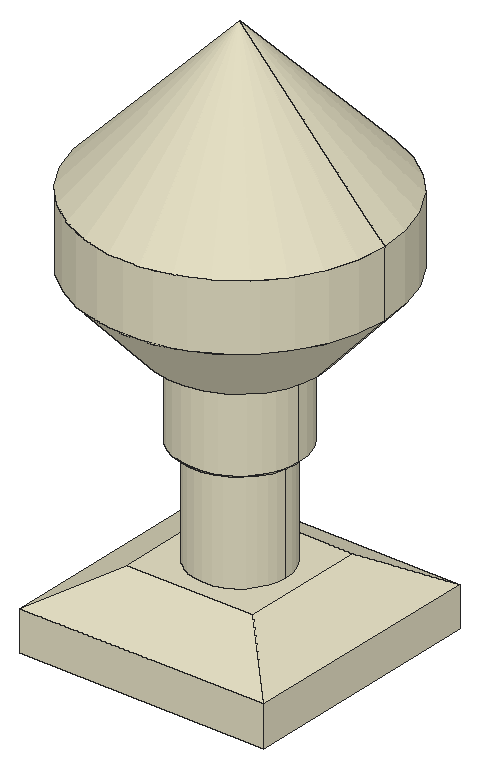
Revit family "Indoor_Floor Lamp_Santa&Cole_Zeleste", category Luminarias, Revit 2018
Family settings
  Cota de conector redondo = Diámetro de uso
  Tipo de pieza = Normal
  Número OmniClass = 23.80.70.00
  Título OmniClass = Lighting
  Se basa en plano de trabajo = No
  Siempre vertical = Sí
  Corte con vacíos al cargar = No
  Origen de luz = Sí
  Compartido = No
  Punto de cálculo de habitación = No
Parameters
  Tilt Angle = 90.00°
  Wattage = 7.40531 W
  Technical Information = "https://www.santacole.com/recursos/productos/downloads/pdf_espec_tecnicas/SC_Zeleste_ficha_tecnica.pdf"
  built-in parameter 1150110 = 1 (stored number, unit not read)
  URL = "https://www.santacole.com/es/lamparas-de-sobremesa/?zeleste"
  Manufacturer website = "http://www.santacole.com"
  built-in parameter 1114217 = 0.1 (stored number, unit not read)
  built-in parameter 1150109 = 1 (stored number, unit not read)
  Energy Label = "https://www.santacole.com/recursos/productos/downloads/pdf_energy_label/Energy%20Label_ZELESTE_without_bulb.pdf"
  Designed by = "Àngel Jové, Santiago Roqueta, 1969"
  Contact phone = "+34.938.619.100"
  Contact e-mail = "info@santacole.com"
  built-in parameter 1150134 = (empty or 0)
  built-in parameter 1150113 = 1 (stored number, unit not read)
  Modelo = "Zeleste"
  Fabricante = "Santa & Cole"
  Lumens = 1100 lm
  built-in parameter 1150115 = 1 (stored number, unit not read)
  built-in parameter 1150105 = 87.535 (stored number, unit not read)
  Load = 60 W
  built-in parameter 1150137 = (empty or 0)
  built-in parameter 1150139 = (empty or 0)
  built-in parameter 1150112 = 1 (stored number, unit not read)
  built-in parameter 1150114 = 1 (stored number, unit not read)
  Lamp = ""
  built-in parameter 1150132 = 2
  built-in parameter 1150102 = (empty or 0)
  built-in parameter 1150138 = (empty or 0)
  built-in parameter 1150107 = 2700 (stored number, unit not read)
  built-in parameter 1150106 = 0.87535 (stored number, unit not read)
  built-in parameter 1150104 = 13.8 (stored number, unit not read)
  Code = "ZELTA01"
  Dimming Lamp Color Temperature Shift = (empty or 0)
  Color Filter = 16777215
  built-in parameter 1114218 = 1 (stored number, unit not read)
  Assembly instructions - UL = "https://www.santacole.com/recursos/productos/downloads/pdf_montaje/Zeleste_im_UL.pdf"
  Assembly instructions - CE = "https://www.santacole.com/recursos/productos/downloads/pdf_montaje/Zeleste_im_CE.pdf"
  Archivo de red fotométrica = "ZELTA01 (CL004A21F001G).IES"
  built-in parameter 1150133 = 10 (stored number, unit not read)
  Apparent Load = 60 VA
Reference planes
  plane 1 "Light Source Axis (F/B)": y = 0
  plane 2: z = 0
  plane 3 "Light Source Axis (L/R)": x = 0
  plane 4 "Light Source Elevation": z = 342.831
Forms (mm)
  Revolve 1, solid, material "Santa & Cole - Alabaster"
    sketch origin (0, 0, 0) x (1, 0, 0) y (0, 0, 1)
      loop
        line (-110, 306) -> (-110, 256) -> (-60, 201) -> (-45, 201) -> (-45, 137) -> (-43, 135) -> (-35, 135) -> (-35, 55) -> (0, 55) -> (0, 421) -> (-110, 306)
      axis (0, 421) -> (0, 55)
    angle from 0 to 360
  Extrusion 2, solid, material "Santa & Cole - Alabaster"
    sketch origin (0, 0, 0) x (1, 0, 0) y (0, 0, 1)
      loop
        line (-92.5, 0) -> (92.5, 0) -> (92.5, 55) -> (-92.5, 55) -> (-92.5, 0)
    from -92.5 to 92.5
  Extrusion 3, void
    sketch origin (0, 0, 0) x (1, 0, 0) y (0, 0, 1)
      loop
        line (-92.5, 30) -> (-47.5, 55) -> (-92.5, 55) -> (-92.5, 30)
      loop
        line (92.5, 30) -> (92.5, 55) -> (47.5, 55) -> (92.5, 30)
    from -92.5 to 92.5
  Extrusion 4, void
    sketch origin (0, 0, 0) x (0, 1, 0) y (0, 0, 1)
      loop
        line (92.5, 30) -> (92.5, 55) -> (47.5, 55) -> (92.5, 30)
      loop
        line (-92.5, 30) -> (-47.5, 55) -> (-92.5, 55) -> (-92.5, 30)
    from -92.5 to 92.5
Cuts and joins
  Extrusion 3, Extrusion 4 cuts Extrusion 2
Lines and regions (mm)
  model lines, style "Predeterminado", not visible
    curve 1: line (0, -3.75, 375) -> (0, 3.75, 375)
    curve 2: line (0, 3.75, 375) -> (0, -3.75, 375)
    curve 3: line (0, 15, 86.75) -> (0, -15, 86.75)
    curve 4: line (0, -10, 65) -> (0, -15, 82.176)
    curve 5: line (0, -10, 25) -> (0, -10, 65)
    curve 6: line (0, 6.344, 17.27) -> (0, 10, 25)
    curve 7: line (0, -1.951, 15.192) -> (0, 6.344, 17.27)
    curve 8: line (0, -10, 25) -> (0, -1.951, 15.192)
    curve 9: line (0, 10, 25) -> (0, 10, 65)
    curve 10: line (0, 15, 82.176) -> (0, 10, 65)
    curve 11: line (0, 15, 86.75) -> (0, -15, 86.75)
Dimensions and locks
  aligned and locked: plane 4 "Light Source Elevation" to imposter light
  aligned and locked: level to plane 2
